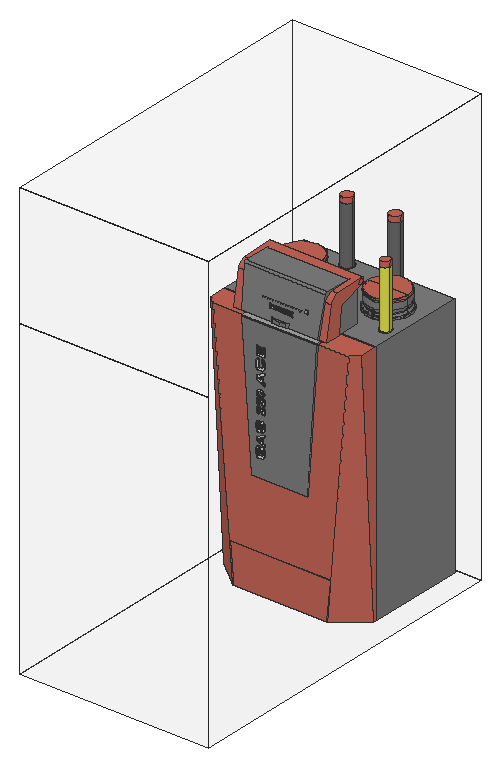
Revit family "Gas Ace 220_250_LOD-5", category Mechanical Equipment, Revit 2015 (continued)
Automatic sketch dimensions
  Extrusion 6 sketch curve to Extrusion 6 sketch curve = 35.239 mm
  Extrusion 6 sketch curve to Extrusion 6 sketch curve = 1.18 mm
  Extrusion 6 sketch curve to Extrusion 6 sketch curve = 2.676 mm
  Extrusion 6 sketch curve to Extrusion 6 sketch curve = 8.075 mm
  Extrusion 6 sketch curve to Extrusion 6 sketch curve = 4.752 mm
  Extrusion 6 sketch curve to Extrusion 6 sketch curve = 2.136 mm
  Extrusion 6 sketch curve to Extrusion 6 sketch curve = 2.427 mm
  Extrusion 6 sketch curve to Extrusion 6 sketch curve = 5.606 mm
  Extrusion 6 sketch curve to Extrusion 6 sketch curve = 7.408 mm
  Extrusion 6 sketch curve to Extrusion 6 sketch curve = 8.771 mm
  Extrusion 6 sketch curve to Extrusion 6 sketch curve = 5.297 mm
  Extrusion 6 sketch curve to Extrusion 6 sketch curve = 6.258 mm
  Extrusion 6 sketch curve to Extrusion 6 sketch curve = 8.273 mm
  Extrusion 6 sketch curve to Extrusion 6 sketch curve = 6.915 mm
  Extrusion 6 sketch curve to Extrusion 6 sketch curve = 3.199 mm
  Extrusion 6 sketch curve to Extrusion 6 sketch curve = 4.418 mm
  Extrusion 6 sketch curve to Extrusion 6 sketch curve = 4.778 mm
  Extrusion 6 sketch curve to Extrusion 6 sketch curve = 2.034 mm
  Extrusion 6 sketch curve to Extrusion 6 sketch curve = 4.697 mm
  Extrusion 6 sketch curve to Extrusion 6 sketch curve = 6.224 mm
  Extrusion 6 sketch curve to Extrusion 6 sketch curve = 8.018 mm
  Extrusion 6 sketch curve to Extrusion 6 sketch curve = 5.046 mm
  Extrusion 6 sketch curve to Extrusion 6 sketch curve = 4.645 mm
  Extrusion 6 sketch curve to Extrusion 6 sketch curve = 3.179 mm
  Extrusion 6 sketch curve to Extrusion 6 sketch curve = 1.825 mm
  Extrusion 6 sketch curve to Extrusion 6 sketch curve = 6.221 mm
  Extrusion 6 sketch curve to Extrusion 6 sketch curve = 4.769 mm
  Extrusion 6 sketch curve to Extrusion 6 sketch curve = 3.637 mm
  Extrusion 6 sketch curve to Extrusion 6 sketch curve = 0.234 mm
  Extrusion 6 sketch curve to Extrusion 6 sketch curve = 2.222 mm
  Extrusion 6 sketch curve to Extrusion 6 sketch curve = 2.995 mm
  Extrusion 6 sketch curve to Extrusion 6 sketch curve = 10.786 mm
  Extrusion 6 sketch curve to Extrusion 6 sketch curve = 6.619 mm  (x2)
  Extrusion 6 sketch curve to Extrusion 6 sketch curve = 0.33 mm
  Extrusion 6 sketch curve to Extrusion 6 sketch curve = 0.623 mm
  Extrusion 6 sketch curve to Extrusion 6 sketch curve = 4.10 mm
  Extrusion 6 sketch curve to Extrusion 6 sketch curve = 0.236 mm
  Extrusion 6 sketch curve to Extrusion 6 sketch curve = 0.229 mm
  Extrusion 6 sketch curve to Extrusion 6 sketch curve = 5.84 mm
  Extrusion 6 sketch curve to Extrusion 6 sketch curve = 3.608 mm
  Extrusion 6 sketch curve to Extrusion 6 sketch curve = 104.478 mm
  plane 20 to Extrusion 6 sketch curve = 4.794 mm
  Extrusion 6 sketch curve to Extrusion 6 sketch curve = 7.974 mm
  Extrusion 6 sketch curve to Extrusion 6 sketch curve = 13.63 mm
  Extrusion 6 sketch curve to Extrusion 6 sketch curve = 24.845 mm
  Extrusion 6 sketch curve to Extrusion 6 sketch curve = 0.046 mm
  plane 21 to Extrusion 7 sketch curve = 2.767 mm
  Extrusion 7 sketch curve to plane 18 = 2.767 mm
  Extrusion 8 sketch curve to plane 35 = 0.00 mm  (x2)
  plane 21 to Extrusion 8 sketch curve = 2.767 mm
  Extrusion 8 sketch curve to plane 18 = 2.767 mm
  Extrusion 9 sketch curve to plane 13 = 0.00 mm
  plane 24 to Extrusion 9 sketch curve = 23.522 mm
  Extrusion 11 sketch curve to Extrusion 11 sketch curve = 0.00 mm  (x2)
  Extrusion 11 sketch curve to plane 13 = 0.00 mm
  plane 24 to Extrusion 11 sketch curve = 23.522 mm
  Extrusion 13 sketch curve to plane 12 = 0.00 mm
  plane 24 to Extrusion 13 sketch curve = 23.522 mm
  Extrusion 14 sketch curve to Extrusion 14 sketch curve = 0.00 mm  (x2)
  Extrusion 14 sketch curve to plane 12 = 0.00 mm
  plane 24 to Extrusion 14 sketch curve = 23.522 mm
  Extrusion 20 sketch curve to plane 7 = 0.00 mm
  plane 4 to Extrusion 20 sketch curve = 107.668 mm
  Extrusion 20 sketch curve to Extrusion 20 sketch curve = 5.376 mm
  Extrusion 20 sketch curve to Extrusion 20 sketch curve = 14.918 mm
  plane 4 to Extrusion 20 sketch curve = 76.94 mm
  Extrusion 20 sketch curve to plane 25 = 104.717 mm
  Extrusion 20 sketch curve to Extrusion 20 sketch curve = 1.568 mm
  Extrusion 20 sketch curve to plane 25 = 46.717 mm
  Extrusion 21 sketch curve to plane 26 = 0.00 mm
  plane 4 to Extrusion 21 sketch curve = 107.668 mm
  Extrusion 21 sketch curve to Extrusion 21 sketch curve = 5.376 mm
  Extrusion 21 sketch curve to Extrusion 21 sketch curve = 14.918 mm
  plane 24 to Extrusion 21 sketch curve = 22.534 mm
  plane 4 to Extrusion 21 sketch curve = 79.413 mm
  Extrusion 21 sketch curve to Extrusion 21 sketch curve = 26.484 mm
  Extrusion 21 sketch curve to plane 25 = 24.282 mm
  Extrusion 21 sketch curve to Extrusion 21 sketch curve = 1.57 mm
  plane 4 to Extrusion 21 sketch curve = 31.492 mm
  plane 4 to Extrusion 21 sketch curve = 1.763 mm
  Extrusion 21 sketch curve to Extrusion 21 sketch curve = 80.434 mm
  Extrusion 21 sketch curve to Extrusion 21 sketch curve = 1.568 mm
  Extrusion 21 sketch curve to Extrusion 21 sketch curve = 21.458 mm
  Extrusion 21 sketch curve to plane 25 = 46.717 mm
  Extrusion 21 sketch curve to plane 25 = 18.574 mm
  Extrusion 23 sketch curve to plane 7 = 0.00 mm  (x2)
  Extrusion 23 sketch curve to plane 34 = 26.458 mm
  plane 29 to Extrusion 23 sketch curve = 0.713 mm
  plane 29 to Extrusion 23 sketch curve = 17.579 mm
  Extrusion 23 sketch curve to plane 30 = 17.579 mm
  Extrusion 23 sketch curve to plane 30 = 0.713 mm
  plane 28 to Extrusion 23 sketch curve = 27.458 mm
  Extrusion 23 sketch curve to plane 25 = 12.381 mm  (x2)
  plane 20 to Extrusion 24 sketch curve = 25.855 mm
  plane 24 to Extrusion 24 sketch curve = 115.281 mm
  Extrusion 24 sketch curve to Extrusion 24 sketch curve = 5.00 mm
  Extrusion 25 sketch curve to plane 4 = 0.00 mm
  Extrusion 25 sketch curve to plane 3 "Center (Left/Right)" = 0.00 mm  (x2)
  Extrusion 25 sketch curve to plane 4 = 7.93 mm  (x2)
  Extrusion 25 sketch curve to plane 3 "Center (Left/Right)" = 34.601 mm
  Extrusion 25 sketch curve to plane 4 = 9.344 mm  (x2)
  Extrusion 25 sketch curve to Extrusion 25 sketch curve = 1.414 mm
  Extrusion 25 sketch curve to Extrusion 25 sketch curve = 9.344 mm  (x2)
  plane 3 "Center (Left/Right)" to Extrusion 25 sketch curve = 34.601 mm
  Extrusion 26 sketch curve to plane 3 "Center (Left/Right)" = 60.00 mm
  Extrusion 26 sketch curve to Extrusion 26 sketch curve = 0.00 mm  (x11)
  Extrusion 26 sketch curve to Extrusion 26 sketch curve = 5.282 mm
  Extrusion 26 sketch curve to Extrusion 26 sketch curve = 3.083 mm  (x2)
  Extrusion 26 sketch curve to Extrusion 26 sketch curve = 8.006 mm
  Extrusion 26 sketch curve to Extrusion 26 sketch curve = 0.536 mm
  Extrusion 26 sketch curve to Extrusion 26 sketch curve = 2.531 mm
  Extrusion 26 sketch curve to Extrusion 26 sketch curve = 5.448 mm
  Extrusion 26 sketch curve to Extrusion 26 sketch curve = 2.49 mm
  Extrusion 26 sketch curve to Extrusion 26 sketch curve = 0.713 mm
  Extrusion 26 sketch curve to Extrusion 26 sketch curve = 1.477 mm
  Extrusion 26 sketch curve to Extrusion 26 sketch curve = 2.918 mm
  Extrusion 26 sketch curve to Extrusion 26 sketch curve = 3.653 mm
  Extrusion 26 sketch curve to Extrusion 26 sketch curve = 12.345 mm
  Extrusion 26 sketch curve to Extrusion 26 sketch curve = 2.924 mm
  Extrusion 26 sketch curve to Extrusion 26 sketch curve = 3.054 mm  (x2)
  Extrusion 26 sketch curve to Extrusion 26 sketch curve = 2.856 mm
  Extrusion 26 sketch curve to Extrusion 26 sketch curve = 0.085 mm
  Extrusion 26 sketch curve to Extrusion 26 sketch curve = 3.429 mm
  Extrusion 26 sketch curve to Extrusion 26 sketch curve = 4.286 mm
  Extrusion 26 sketch curve to Extrusion 26 sketch curve = 0.113 mm  (x2)
  Extrusion 26 sketch curve to Extrusion 26 sketch curve = 2.402 mm  (x2)
  Extrusion 26 sketch curve to Extrusion 26 sketch curve = 0.076 mm  (x2)
  Extrusion 26 sketch curve to Extrusion 26 sketch curve = 0.092 mm  (x2)
  Extrusion 26 sketch curve to Extrusion 26 sketch curve = 0.134 mm  (x2)
  Extrusion 26 sketch curve to Extrusion 26 sketch curve = 2.245 mm  (x2)
  Extrusion 26 sketch curve to plane 3 "Center (Left/Right)" = 1.402 mm
  plane 3 "Center (Left/Right)" to Extrusion 26 sketch curve = 0.218 mm
  Extrusion 26 sketch curve to Extrusion 26 sketch curve = 2.873 mm
  plane 3 "Center (Left/Right)" to Extrusion 26 sketch curve = 3.222 mm
  Extrusion 26 sketch curve to Extrusion 26 sketch curve = 1.738 mm
  Extrusion 26 sketch curve to Extrusion 26 sketch curve = 0.65 mm
  Extrusion 26 sketch curve to Extrusion 26 sketch curve = 3.04 mm  (x5)
  Extrusion 26 sketch curve to Extrusion 26 sketch curve = 1.782 mm
  Extrusion 26 sketch curve to Extrusion 26 sketch curve = 0.701 mm
  Extrusion 26 sketch curve to Extrusion 26 sketch curve = 4.337 mm
  Extrusion 26 sketch curve to Extrusion 26 sketch curve = 3.208 mm
  Extrusion 26 sketch curve to Extrusion 26 sketch curve = 4.739 mm
  Extrusion 26 sketch curve to Extrusion 26 sketch curve = 1.93 mm
  Extrusion 26 sketch curve to Extrusion 26 sketch curve = 0.994 mm
  Extrusion 26 sketch curve to Extrusion 26 sketch curve = 0.901 mm
  Extrusion 26 sketch curve to Extrusion 26 sketch curve = 1.684 mm
  Extrusion 26 sketch curve to Extrusion 26 sketch curve = 2.199 mm
  Extrusion 26 sketch curve to Extrusion 26 sketch curve = 4.069 mm
  Extrusion 26 sketch curve to Extrusion 26 sketch curve = 2.964 mm
  Extrusion 26 sketch curve to Extrusion 26 sketch curve = 0.033 mm  (x2)
  Extrusion 26 sketch curve to Extrusion 26 sketch curve = 0.918 mm
  Extrusion 26 sketch curve to Extrusion 26 sketch curve = 1.137 mm
  Extrusion 26 sketch curve to Extrusion 26 sketch curve = 0.284 mm
  Extrusion 26 sketch curve to Extrusion 26 sketch curve = 0.51 mm
  Extrusion 26 sketch curve to Extrusion 26 sketch curve = 1.179 mm
  Extrusion 26 sketch curve to Extrusion 26 sketch curve = 0.049 mm
  Extrusion 26 sketch curve to Extrusion 26 sketch curve = 0.212 mm  (x2)
  Extrusion 26 sketch curve to Extrusion 26 sketch curve = 0.379 mm
  Extrusion 26 sketch curve to Extrusion 26 sketch curve = 0.436 mm
  Extrusion 26 sketch curve to Extrusion 26 sketch curve = 0.226 mm
  Extrusion 26 sketch curve to Extrusion 26 sketch curve = 0.749 mm
  Extrusion 26 sketch curve to Extrusion 26 sketch curve = 0.157 mm
  Extrusion 26 sketch curve to Extrusion 26 sketch curve = 1.236 mm
  Extrusion 26 sketch curve to Extrusion 26 sketch curve = 0.137 mm
  Extrusion 26 sketch curve to Extrusion 26 sketch curve = 0.668 mm
  Extrusion 26 sketch curve to Extrusion 26 sketch curve = 0.909 mm
  Extrusion 26 sketch curve to Extrusion 26 sketch curve = 1.762 mm
  Extrusion 26 sketch curve to Extrusion 26 sketch curve = 0.271 mm
  Extrusion 26 sketch curve to Extrusion 26 sketch curve = 1.996 mm
  Extrusion 26 sketch curve to Extrusion 26 sketch curve = 0.264 mm
  Extrusion 26 sketch curve to Extrusion 26 sketch curve = 3.106 mm
  Extrusion 26 sketch curve to Extrusion 26 sketch curve = 0.412 mm
  Extrusion 26 sketch curve to Extrusion 26 sketch curve = 4.239 mm
  Extrusion 26 sketch curve to Extrusion 26 sketch curve = 3.826 mm
  Extrusion 26 sketch curve to Extrusion 26 sketch curve = 2.368 mm
  Extrusion 26 sketch curve to Extrusion 26 sketch curve = 1.956 mm
  Extrusion 26 sketch curve to Extrusion 26 sketch curve = 1.963 mm
  Extrusion 26 sketch curve to Extrusion 26 sketch curve = 0.004 mm
  Extrusion 26 sketch curve to Extrusion 26 sketch curve = 1.968 mm
  Extrusion 26 sketch curve to Extrusion 26 sketch curve = 0.013 mm
  Extrusion 26 sketch curve to Extrusion 26 sketch curve = 1.972 mm  (x2)
  Extrusion 26 sketch curve to Extrusion 26 sketch curve = 0.009 mm
  Extrusion 26 sketch curve to Extrusion 26 sketch curve = 1.977 mm
  Extrusion 26 sketch curve to Extrusion 26 sketch curve = 0.914 mm
  Extrusion 26 sketch curve to Extrusion 26 sketch curve = 2.002 mm
  Extrusion 26 sketch curve to Extrusion 26 sketch curve = 1.103 mm
  Extrusion 26 sketch curve to Extrusion 26 sketch curve = 2.125 mm
  Extrusion 26 sketch curve to Extrusion 26 sketch curve = 0.452 mm
  Extrusion 26 sketch curve to Extrusion 26 sketch curve = 0.179 mm
  Extrusion 26 sketch curve to Extrusion 26 sketch curve = 0.001 mm
  Extrusion 26 sketch curve to Extrusion 26 sketch curve = 1.043 mm
  Extrusion 26 sketch curve to Extrusion 26 sketch curve = 0.429 mm
  Extrusion 26 sketch curve to Extrusion 26 sketch curve = 1.471 mm
  Extrusion 26 sketch curve to Extrusion 26 sketch curve = 3.486 mm  (x2)
  Extrusion 26 sketch curve to Extrusion 26 sketch curve = 1.341 mm
  Extrusion 26 sketch curve to Extrusion 26 sketch curve = 0.793 mm
  Extrusion 26 sketch curve to Extrusion 26 sketch curve = 1.186 mm
  Extrusion 26 sketch curve to Extrusion 26 sketch curve = 0.851 mm
  Extrusion 26 sketch curve to Extrusion 26 sketch curve = 1.181 mm  (x2)
  Extrusion 26 sketch curve to Extrusion 26 sketch curve = 1.473 mm
  Extrusion 26 sketch curve to Extrusion 26 sketch curve = 0.982 mm
  Extrusion 26 sketch curve to Extrusion 26 sketch curve = 0.53 mm  (x2)
  Extrusion 26 sketch curve to Extrusion 26 sketch curve = 1.417 mm
  Extrusion 26 sketch curve to Extrusion 26 sketch curve = 1.08 mm
  Extrusion 26 sketch curve to Extrusion 26 sketch curve = 0.219 mm  (x2)
  Extrusion 26 sketch curve to Extrusion 26 sketch curve = 0.991 mm
  Extrusion 26 sketch curve to Extrusion 26 sketch curve = 0.687 mm
  Extrusion 26 sketch curve to Extrusion 26 sketch curve = 0.578 mm  (x2)
  Extrusion 26 sketch curve to Extrusion 26 sketch curve = 6.128 mm
  Extrusion 26 sketch curve to Extrusion 26 sketch curve = 1.01 mm
  Extrusion 26 sketch curve to Extrusion 26 sketch curve = 0.082 mm
  Extrusion 26 sketch curve to Extrusion 26 sketch curve = 1.846 mm
  Extrusion 26 sketch curve to Extrusion 26 sketch curve = 0.115 mm
  Extrusion 26 sketch curve to Extrusion 26 sketch curve = 2.061 mm
  Extrusion 26 sketch curve to Extrusion 26 sketch curve = 0.617 mm
  Extrusion 26 sketch curve to Extrusion 26 sketch curve = 0.794 mm
  Extrusion 26 sketch curve to Extrusion 26 sketch curve = 0.657 mm
  Extrusion 26 sketch curve to Extrusion 26 sketch curve = 0.058 mm
  Extrusion 26 sketch curve to Extrusion 26 sketch curve = 1.267 mm
  Extrusion 26 sketch curve to Extrusion 26 sketch curve = 0.821 mm
  Extrusion 26 sketch curve to Extrusion 26 sketch curve = 0.038 mm
  Extrusion 26 sketch curve to Extrusion 26 sketch curve = 1.001 mm  (x2)
  Extrusion 26 sketch curve to Extrusion 26 sketch curve = 0.90 mm
  Extrusion 26 sketch curve to Extrusion 26 sketch curve = 0.066 mm
  Extrusion 26 sketch curve to Extrusion 26 sketch curve = 0.344 mm
  Extrusion 26 sketch curve to Extrusion 26 sketch curve = 3.045 mm
  Extrusion 26 sketch curve to Extrusion 26 sketch curve = 1.163 mm
  Extrusion 26 sketch curve to Extrusion 26 sketch curve = 3.264 mm
  Extrusion 26 sketch curve to Extrusion 26 sketch curve = 1.529 mm
  Extrusion 26 sketch curve to Extrusion 26 sketch curve = 1.136 mm
  Extrusion 26 sketch curve to Extrusion 26 sketch curve = 0.985 mm
  Extrusion 26 sketch curve to Extrusion 26 sketch curve = 2.604 mm
  Extrusion 26 sketch curve to Extrusion 26 sketch curve = 0.547 mm
  Extrusion 26 sketch curve to Extrusion 26 sketch curve = 5.087 mm
  Extrusion 26 sketch curve to Extrusion 26 sketch curve = 2.359 mm
  Extrusion 26 sketch curve to Extrusion 26 sketch curve = 0.652 mm  (x2)
  Extrusion 26 sketch curve to Extrusion 26 sketch curve = 0.847 mm
  Extrusion 26 sketch curve to Extrusion 26 sketch curve = 2.106 mm
  Extrusion 27 sketch curve to plane 32 = 0.00 mm  (x2)
  plane 33 to Extrusion 27 sketch curve = 0.00 mm  (x2)
  Extrusion 27 sketch curve to plane 32 = 21.995 mm
  plane 33 to Extrusion 27 sketch curve = 1.225 mm  (x2)
  Extrusion 27 sketch curve to Extrusion 27 sketch curve = 2.851 mm
  Extrusion 27 sketch curve to Extrusion 27 sketch curve = 7.34 mm  (x2)
  Extrusion 27 sketch curve to plane 33 = 5.73 mm  (x2)
  Extrusion 27 sketch curve to Extrusion 27 sketch curve = 7.459 mm  (x2)
  plane 33 to Extrusion 27 sketch curve = 4.516 mm  (x2)
  Extrusion 27 sketch curve to Extrusion 27 sketch curve = 2.533 mm  (x2)
  Extrusion 27 sketch curve to Extrusion 27 sketch curve = 3.777 mm  (x2)
  Extrusion 27 sketch curve to Extrusion 27 sketch curve = 3.376 mm  (x2)
  Extrusion 27 sketch curve to Extrusion 27 sketch curve = 3.35 mm  (x2)
  Extrusion 27 sketch curve to Extrusion 27 sketch curve = 5.045 mm  (x2)
  Extrusion 27 sketch curve to Extrusion 27 sketch curve = 5.527 mm  (x2)
  Extrusion 27 sketch curve to plane 33 = 11.501 mm  (x2)
  Extrusion 27 sketch curve to Extrusion 27 sketch curve = 13.077 mm  (x2)
  plane 20 to Extrusion 27 sketch curve = 11.826 mm  (x2)
  Extrusion 27 sketch curve to Extrusion 27 sketch curve = 4.266 mm  (x2)
  Extrusion 27 sketch curve to Extrusion 27 sketch curve = 2.432 mm  (x2)
  Extrusion 27 sketch curve to Extrusion 27 sketch curve = 3.70 mm  (x2)
  Extrusion 27 sketch curve to Extrusion 27 sketch curve = 10.686 mm  (x2)
  Extrusion 27 sketch curve to Extrusion 27 sketch curve = 10.68 mm
  plane 20 to Extrusion 27 sketch curve = 13.06 mm
  Extrusion 27 sketch curve to Extrusion 27 sketch curve = 35.239 mm
  Extrusion 27 sketch curve to Extrusion 27 sketch curve = 0.00 mm  (x27)
  plane 20 to Extrusion 27 sketch curve = 9.597 mm
  Extrusion 27 sketch curve to Extrusion 27 sketch curve = 1.18 mm
  plane 20 to Extrusion 27 sketch curve = 6.96 mm
  Extrusion 27 sketch curve to Extrusion 27 sketch curve = 2.676 mm
  Extrusion 27 sketch curve to Extrusion 27 sketch curve = 8.075 mm
  plane 20 to Extrusion 27 sketch curve = 5.282 mm
  Extrusion 27 sketch curve to Extrusion 27 sketch curve = 4.752 mm
  plane 33 to Extrusion 27 sketch curve = 4.957 mm
  Extrusion 27 sketch curve to Extrusion 27 sketch curve = 2.136 mm
  Extrusion 27 sketch curve to plane 33 = 21.317 mm
  Extrusion 27 sketch curve to Extrusion 27 sketch curve = 2.427 mm
  Extrusion 27 sketch curve to plane 33 = 4.95 mm
  Extrusion 27 sketch curve to Extrusion 27 sketch curve = 5.606 mm
  plane 20 to Extrusion 27 sketch curve = 4.693 mm
  Extrusion 27 sketch curve to Extrusion 27 sketch curve = 7.408 mm
  Extrusion 27 sketch curve to Extrusion 27 sketch curve = 3.81 mm
  Extrusion 27 sketch curve to Extrusion 27 sketch curve = 8.771 mm
  Extrusion 27 sketch curve to plane 33 = 4.686 mm
  Extrusion 27 sketch curve to Extrusion 27 sketch curve = 5.297 mm
  plane 33 to Extrusion 27 sketch curve = 5.198 mm
  Extrusion 27 sketch curve to Extrusion 27 sketch curve = 6.258 mm
  Extrusion 27 sketch curve to plane 33 = 4.632 mm
  Extrusion 27 sketch curve to Extrusion 27 sketch curve = 8.273 mm
  plane 33 to Extrusion 27 sketch curve = 5.211 mm
  Extrusion 27 sketch curve to Extrusion 27 sketch curve = 6.915 mm
  Extrusion 27 sketch curve to Extrusion 27 sketch curve = 3.199 mm
  Extrusion 27 sketch curve to Extrusion 27 sketch curve = 4.418 mm
  plane 33 to Extrusion 27 sketch curve = 5.444 mm
  Extrusion 27 sketch curve to Extrusion 27 sketch curve = 4.778 mm
  Extrusion 27 sketch curve to Extrusion 27 sketch curve = 0.221 mm
  Extrusion 27 sketch curve to plane 33 = 21.603 mm
  Extrusion 27 sketch curve to Extrusion 27 sketch curve = 2.034 mm
  Extrusion 27 sketch curve to Extrusion 27 sketch curve = 5.583 mm
  Extrusion 27 sketch curve to Extrusion 27 sketch curve = 4.697 mm
  Extrusion 27 sketch curve to plane 33 = 21.298 mm
  Extrusion 27 sketch curve to Extrusion 27 sketch curve = 6.224 mm
  plane 20 to Extrusion 27 sketch curve = 5.368 mm
  Extrusion 27 sketch curve to Extrusion 27 sketch curve = 8.018 mm
  Extrusion 27 sketch curve to plane 33 = 3.946 mm
  Extrusion 27 sketch curve to Extrusion 27 sketch curve = 3.888 mm
  Extrusion 27 sketch curve to Extrusion 27 sketch curve = 5.046 mm
  Extrusion 27 sketch curve to plane 33 = 20.233 mm
  Extrusion 27 sketch curve to Extrusion 27 sketch curve = 4.645 mm
  Extrusion 27 sketch curve to plane 33 = 18.179 mm
  Extrusion 27 sketch curve to Extrusion 27 sketch curve = 3.179 mm
  Extrusion 27 sketch curve to plane 33 = 14.908 mm
  Extrusion 27 sketch curve to Extrusion 27 sketch curve = 1.825 mm
  Extrusion 27 sketch curve to Extrusion 27 sketch curve = 0.249 mm
  Extrusion 27 sketch curve to Extrusion 27 sketch curve = 6.221 mm
  Extrusion 27 sketch curve to plane 33 = 21.135 mm  (x4)
  Extrusion 27 sketch curve to Extrusion 27 sketch curve = 14.365 mm  (x2)
  Extrusion 27 sketch curve to Extrusion 27 sketch curve = 4.013 mm  (x2)
  plane 20 to Extrusion 27 sketch curve = 5.16 mm  (x2)
  Extrusion 27 sketch curve to Extrusion 27 sketch curve = 4.769 mm
  Extrusion 27 sketch curve to plane 33 = 4.515 mm  (x2)
  Extrusion 27 sketch curve to Extrusion 27 sketch curve = 4.827 mm  (x2)
  plane 33 to Extrusion 27 sketch curve = 11.404 mm  (x2)
  Extrusion 27 sketch curve to Extrusion 27 sketch curve = 8.431 mm  (x2)
  Extrusion 27 sketch curve to Extrusion 27 sketch curve = 16.511 mm  (x2)
  Extrusion 27 sketch curve to Extrusion 27 sketch curve = 8.377 mm  (x2)
  Extrusion 27 sketch curve to plane 33 = 13.643 mm  (x2)
  Extrusion 27 sketch curve to Extrusion 27 sketch curve = 4.823 mm  (x2)
  Extrusion 27 sketch curve to Extrusion 27 sketch curve = 3.783 mm  (x2)
  Extrusion 27 sketch curve to Extrusion 27 sketch curve = 14.423 mm  (x2)
  plane 33 to Extrusion 27 sketch curve = 3.211 mm
  Extrusion 27 sketch curve to Extrusion 27 sketch curve = 3.637 mm
  Extrusion 27 sketch curve to plane 33 = 7.591 mm
  Extrusion 27 sketch curve to plane 33 = 10.916 mm
  plane 33 to Extrusion 27 sketch curve = 11.042 mm
  Extrusion 27 sketch curve to Extrusion 27 sketch curve = 0.234 mm  (x2)
  plane 20 to Extrusion 27 sketch curve = 4.692 mm  (x2)
  Extrusion 27 sketch curve to Extrusion 27 sketch curve = 10.664 mm
  Extrusion 27 sketch curve to Extrusion 27 sketch curve = 2.222 mm
  Extrusion 27 sketch curve to Extrusion 27 sketch curve = 2.995 mm
  Extrusion 27 sketch curve to Extrusion 27 sketch curve = 4.641 mm
  Extrusion 27 sketch curve to Extrusion 27 sketch curve = 7.483 mm
  Extrusion 27 sketch curve to Extrusion 27 sketch curve = 10.786 mm
  Extrusion 27 sketch curve to Extrusion 27 sketch curve = 6.619 mm  (x2)
  Extrusion 27 sketch curve to plane 33 = 21.602 mm
  Extrusion 27 sketch curve to Extrusion 27 sketch curve = 0.33 mm
  Extrusion 27 sketch curve to Extrusion 27 sketch curve = 0.623 mm
  Extrusion 27 sketch curve to plane 33 = 21.487 mm
  Extrusion 27 sketch curve to Extrusion 27 sketch curve = 4.10 mm
  Extrusion 27 sketch curve to Extrusion 27 sketch curve = 5.824 mm
  Extrusion 27 sketch curve to Extrusion 27 sketch curve = 5.83 mm
  plane 33 to Extrusion 27 sketch curve = 5.462 mm  (x2)
  Extrusion 27 sketch curve to Extrusion 27 sketch curve = 0.229 mm
  Extrusion 27 sketch curve to plane 33 = 5.362 mm
  Extrusion 27 sketch curve to Extrusion 27 sketch curve = 0.236 mm
  plane 20 to Extrusion 27 sketch curve = 4.966 mm
  Extrusion 27 sketch curve to Extrusion 27 sketch curve = 5.84 mm
  Extrusion 27 sketch curve to plane 33 = 20.885 mm
  Extrusion 27 sketch curve to Extrusion 27 sketch curve = 3.608 mm
  plane 33 to Extrusion 27 sketch curve = 7.959 mm
  Extrusion 27 sketch curve to Extrusion 27 sketch curve = 13.487 mm
  plane 32 to Extrusion 27 sketch curve = 42.444 mm
  Extrusion 27 sketch curve to Extrusion 27 sketch curve = 4.585 mm
  Extrusion 27 sketch curve to plane 33 = 9.486 mm  (x2)
  Extrusion 27 sketch curve to Extrusion 27 sketch curve = 4.987 mm
  plane 33 to Extrusion 27 sketch curve = 9.585 mm  (x2)
  Extrusion 27 sketch curve to Extrusion 27 sketch curve = 12.118 mm  (x4)
  plane 20 to Extrusion 27 sketch curve = 4.694 mm  (x2)
  Extrusion 27 sketch curve to plane 33 = 4.663 mm
  Extrusion 27 sketch curve to Extrusion 27 sketch curve = 1.136 mm  (x2)
  plane 33 to Extrusion 27 sketch curve = 4.758 mm  (x2)
  Extrusion 27 sketch curve to Extrusion 27 sketch curve = 6.059 mm  (x3)
  plane 33 to Extrusion 27 sketch curve = 5.785 mm  (x2)
  Extrusion 27 sketch curve to Extrusion 27 sketch curve = 17.113 mm
  Extrusion 27 sketch curve to plane 33 = 5.353 mm
  Extrusion 27 sketch curve to Extrusion 27 sketch curve = 0.341 mm
  Extrusion 27 sketch curve to Extrusion 27 sketch curve = 5.032 mm
  Extrusion 27 sketch curve to Extrusion 27 sketch curve = 5.347 mm
  Extrusion 27 sketch curve to Extrusion 27 sketch curve = 0.656 mm
  Extrusion 27 sketch curve to Extrusion 27 sketch curve = 6.006 mm
  Extrusion 27 sketch curve to plane 33 = 4.867 mm
  Extrusion 27 sketch curve to Extrusion 27 sketch curve = 11.678 mm
  plane 20 to Extrusion 27 sketch curve = 5.162 mm
  Extrusion 27 sketch curve to Extrusion 27 sketch curve = 12.337 mm
  Extrusion 27 sketch curve to Extrusion 27 sketch curve = 12.908 mm
  Extrusion 27 sketch curve to plane 33 = 4.289 mm
  Extrusion 27 sketch curve to Extrusion 27 sketch curve = 31.398 mm
  plane 33 to Extrusion 27 sketch curve = 11.402 mm
  Extrusion 27 sketch curve to Extrusion 27 sketch curve = 1.595 mm
  Extrusion 27 sketch curve to plane 33 = 21.136 mm
  Extrusion 27 sketch curve to Extrusion 27 sketch curve = 2.501 mm
  Extrusion 27 sketch curve to Extrusion 27 sketch curve = 10.882 mm
  Extrusion 27 sketch curve to Extrusion 27 sketch curve = 9.634 mm
  Extrusion 27 sketch curve to Extrusion 27 sketch curve = 9.77 mm  (x2)
  Extrusion 27 sketch curve to Extrusion 27 sketch curve = 3.944 mm
  Extrusion 27 sketch curve to Extrusion 27 sketch curve = 7.492 mm
  Extrusion 27 sketch curve to Extrusion 27 sketch curve = 3.998 mm  (x2)
  Extrusion 27 sketch curve to Extrusion 27 sketch curve = 0.505 mm
  Extrusion 27 sketch curve to Extrusion 27 sketch curve = 6.667 mm
  Extrusion 27 sketch curve to Extrusion 27 sketch curve = 6.90 mm
  Extrusion 27 sketch curve to Extrusion 27 sketch curve = 1.236 mm
  Extrusion 27 sketch curve to Extrusion 27 sketch curve = 2.258 mm
  Extrusion 27 sketch curve to Extrusion 27 sketch curve = 3.321 mm
  Extrusion 27 sketch curve to Extrusion 27 sketch curve = 5.292 mm
  plane 33 to Extrusion 27 sketch curve = 4.612 mm
  Extrusion 27 sketch curve to Extrusion 27 sketch curve = 3.571 mm
  Extrusion 27 sketch curve to Extrusion 27 sketch curve = 5.505 mm
  Extrusion 27 sketch curve to Extrusion 27 sketch curve = 6.332 mm
  plane 33 to Extrusion 27 sketch curve = 8.24 mm
  Extrusion 27 sketch curve to Extrusion 27 sketch curve = 0.541 mm
  Extrusion 27 sketch curve to Extrusion 27 sketch curve = 2.084 mm
  Extrusion 27 sketch curve to Extrusion 27 sketch curve = 4.58 mm  (x2)
  Extrusion 27 sketch curve to Extrusion 27 sketch curve = 1.638 mm  (x2)
  Extrusion 27 sketch curve to plane 33 = 7.62 mm
  Extrusion 27 sketch curve to Extrusion 27 sketch curve = 0.046 mm
  Extrusion 27 sketch curve to Extrusion 27 sketch curve = 13.63 mm
  plane 20 to Extrusion 27 sketch curve = 4.794 mm
  plane 4 to Extrusion 28 sketch curve = 3.836 mm
  plane 4 to Extrusion 28 sketch curve = 8.465 mm
  Extrusion 28 sketch curve to Extrusion 28 sketch curve = 5.00 mm
  Extrusion 28 sketch curve to Extrusion 28 sketch curve = 4.061 mm
  plane 24 to Extrusion 28 sketch curve = 76.064 mm
  Extrusion 28 sketch curve to Extrusion 28 sketch curve = 26.252 mm
  plane 26 to Extrusion 29 sketch curve = 15.488 mm
  Extrusion 29 sketch curve to plane 25 = 35.496 mm
  plane 26 to Extrusion 30 sketch curve = 15.488 mm
  Extrusion 30 sketch curve to plane 25 = 35.496 mm
  Extrusion 31 sketch curve to plane 5 = 0.00 mm
  Extrusion 31 sketch curve to plane 6 = 0.00 mm
  Extrusion 31 sketch curve to plane 34 = 15.642 mm
  plane 28 to Extrusion 31 sketch curve = 16.642 mm
  level to Extrusion 31 sketch curve = 29.00 mm  (x2)
  Extrusion 31 sketch curve to Extrusion 31 sketch curve = 171.499 mm  (x2)
  plane 5 to Extrusion 32 sketch curve = 5.43 mm  (x2)
  Extrusion 32 sketch curve to plane 34 = 29.235 mm  (x2)
  plane 28 to Extrusion 32 sketch curve = 30.235 mm  (x2)
  Extrusion 32 sketch curve to plane 6 = 5.43 mm  (x2)
  plane 26 to Extrusion 32 sketch curve = 98.19 mm  (x2)
  Extrusion 32 sketch curve to Extrusion 32 sketch curve = 25.00 mm  (x2)
  plane 22 to Extrusion 32 sketch curve = 15.435 mm  (x2)
  plane 1 "Center (Front/Back)" to Extrusion 32 sketch curve = 15.565 mm  (x2)
  Extrusion 33 sketch curve to plane 21 = 0.00 mm
  Extrusion 33 sketch curve to plane 18 = 0.00 mm
  level to Extrusion 33 sketch curve = 57.048 mm  (x2)
  Extrusion 34 sketch curve to plane 21 = 0.00 mm
  Extrusion 34 sketch curve to plane 18 = 0.00 mm
  level to Extrusion 34 sketch curve = 57.048 mm  (x2)
  plane 21 to Extrusion 37 sketch curve = 2.767 mm
  Extrusion 37 sketch curve to plane 18 = 2.767 mm
  level to Extrusion 37 sketch curve = 55.00 mm  (x2)
  plane 29 to Extrusion 38 sketch curve = 17.579 mm
  Extrusion 38 sketch curve to plane 4 = 5.984 mm
  Extrusion 38 sketch curve to plane 30 = 17.579 mm
  plane 4 to Extrusion 38 sketch curve = 102.292 mm
  Extrusion 40 sketch curve to plane 7 = 0.00 mm
  Extrusion 40 sketch curve to plane 26 = 0.00 mm
  plane 4 to Extrusion 40 sketch curve = 107.668 mm
  Extrusion 40 sketch curve to Extrusion 40 sketch curve = 5.376 mm
  Extrusion 40 sketch curve to Extrusion 40 sketch curve = 14.918 mm
  plane 4 to Extrusion 40 sketch curve = 76.94 mm
  Extrusion 40 sketch curve to plane 25 = 104.717 mm
  Extrusion 40 sketch curve to Extrusion 40 sketch curve = 1.568 mm
  Extrusion 40 sketch curve to plane 25 = 46.717 mm
  Extrusion 41 sketch curve to plane 26 = 0.00 mm
  plane 4 to Extrusion 41 sketch curve = 107.668 mm
  Extrusion 41 sketch curve to Extrusion 41 sketch curve = 5.376 mm
  Extrusion 41 sketch curve to Extrusion 41 sketch curve = 14.918 mm
  plane 24 to Extrusion 41 sketch curve = 22.534 mm
  plane 4 to Extrusion 41 sketch curve = 79.413 mm
  Extrusion 41 sketch curve to Extrusion 41 sketch curve = 26.484 mm
  Extrusion 41 sketch curve to plane 25 = 24.282 mm
  Extrusion 41 sketch curve to Extrusion 41 sketch curve = 1.57 mm
  plane 4 to Extrusion 41 sketch curve = 31.492 mm
  plane 4 to Extrusion 41 sketch curve = 1.763 mm
  Extrusion 41 sketch curve to Extrusion 41 sketch curve = 80.434 mm
  Extrusion 41 sketch curve to Extrusion 41 sketch curve = 1.568 mm
  Extrusion 41 sketch curve to Extrusion 41 sketch curve = 21.458 mm
  Extrusion 41 sketch curve to plane 25 = 46.717 mm
  Extrusion 41 sketch curve to plane 25 = 18.574 mm
  Extrusion 42 sketch curve to plane 4 = 5.984 mm
  plane 29 to Extrusion 42 sketch curve = 17.579 mm
  Extrusion 42 sketch curve to plane 30 = 17.579 mm
  plane 4 to Extrusion 42 sketch curve = 102.292 mm
  plane 21 to Extrusion 43 sketch curve = 2.767 mm
  Extrusion 43 sketch curve to plane 18 = 2.767 mm
  level to Extrusion 43 sketch curve = 55.00 mm  (x2)
  Extrusion 22 sketch curve to plane 31 = 0.00 mm
  Extrusion 22 sketch curve to plane 4 = 4.018 mm
  plane 4 to Extrusion 22 sketch curve = 1.763 mm
  plane 4 to Extrusion 22 sketch curve = 31.492 mm
  plane 4 to Extrusion 22 sketch curve = 32.165 mm
  Extrusion 22 sketch curve to Extrusion 22 sketch curve = 10.033 mm
  Extrusion 22 sketch curve to plane 25 = 24.282 mm
  Extrusion 22 sketch curve to Extrusion 22 sketch curve = 32.04 mm
  Extrusion 22 sketch curve to Extrusion 22 sketch curve = 1.57 mm
  Extrusion 22 sketch curve to plane 25 = 20.32 mm
  plane 26 to Extrusion 22 sketch curve = 49.996 mm
  Extrusion 22 sketch curve to Extrusion 22 sketch curve = 44.973 mm
  Extrusion 22 sketch curve to Extrusion 22 sketch curve = 1.769 mm
  Extrusion 22 sketch curve to Extrusion 22 sketch curve = 0.273 mm
  Extrusion 22 sketch curve to plane 25 = 16.424 mm
  plane 4 to Extrusion 44 sketch curve = 14.519 mm
  Extrusion 44 sketch curve to Extrusion 44 sketch curve = 5.781 mm  (x2)
  Extrusion 44 sketch curve to plane 25 = 124.914 mm
  plane 4 to Extrusion 44 sketch curve = 12.162 mm
  Extrusion 44 sketch curve to Extrusion 44 sketch curve = 13.368 mm
  Extrusion 45 sketch curve to plane 40 = 0.00 mm
  Extrusion 45 sketch curve to plane 41 "Drain" = 0.00 mm
  Extrusion 35 sketch curve to Extrusion 35 sketch curve = 0.00 mm  (x2)
  Extrusion 35 sketch curve to plane 11 = 0.00 mm
  Extrusion 35 sketch curve to plane 21 = 0.00 mm
  Revolve 10 sketch curve to plane 13 = 0.00 mm
  Revolve 10 sketch curve to plane 7 = 0.00 mm
  Revolve 10 sketch curve to Revolve 10 sketch curve = 0.50 mm
  Revolve 10 sketch curve to Revolve 10 sketch curve = 2.50 mm
  plane 24 to Revolve 10 sketch curve = 7.00 mm
  Revolve 10 sketch curve to Revolve 10 sketch curve = 12.147 mm
  Revolve 10 sketch curve to Revolve 10 sketch curve = 5.00 mm
  Revolve 10 sketch curve to Revolve 10 sketch curve = 16.52 mm
  Revolve 10 sketch curve to Revolve 10 sketch curve = 45.225 mm
  plane 24 to Revolve 10 sketch curve = 5.294 mm
  Revolve 10 sketch curve to plane 25 = 77.762 mm
  Revolve 12 sketch curve to plane 12 = 0.00 mm
  Revolve 12 sketch curve to plane 7 = 0.00 mm
  Revolve 12 sketch curve to Revolve 12 sketch curve = 0.50 mm
  Revolve 12 sketch curve to Revolve 12 sketch curve = 2.00 mm
  plane 24 to Revolve 12 sketch curve = 7.00 mm
  Revolve 12 sketch curve to Revolve 12 sketch curve = 12.147 mm
  Revolve 12 sketch curve to Revolve 12 sketch curve = 5.00 mm
  Revolve 12 sketch curve to Revolve 12 sketch curve = 16.52 mm
  Revolve 12 sketch curve to Revolve 12 sketch curve = 45.225 mm
  plane 24 to Revolve 12 sketch curve = 5.294 mm
  Revolve 12 sketch curve to plane 25 = 77.762 mm
  Extrusion 16 sketch curve to plane 20 = 0.00 mm
  Extrusion 16 sketch curve to plane 19 = 0.00 mm
  Extrusion 16 sketch curve to plane 22 = 0.00 mm  (x2)
  Revolve 19 sketch curve to plane 13 = 0.00 mm  (x2)
  plane 24 to Revolve 19 sketch curve = 80.921 mm
  Revolve 19 sketch curve to Revolve 19 sketch curve = 1.396 mm
  Revolve 19 sketch curve to Revolve 19 sketch curve = 10.494 mm
  Revolve 19 sketch curve to Revolve 19 sketch curve = 1.189 mm
  Revolve 19 sketch curve to level = 304.80 mm
  plane 8 to Revolve 19 sketch curve = 776.40 mm
  Revolve 36 sketch curve to plane 12 = 0.00 mm  (x2)
  plane 24 to Revolve 36 sketch curve = 94.00 mm
  Revolve 36 sketch curve to Revolve 36 sketch curve = 1.189 mm
  Revolve 36 sketch curve to Revolve 36 sketch curve = 10.494 mm
  Revolve 36 sketch curve to Revolve 36 sketch curve = 1.396 mm
  plane 8 to Revolve 36 sketch curve = 776.40 mm
  Revolve 36 sketch curve to level = 304.80 mm
  Extrusion 39 sketch curve to Extrusion 39 sketch curve = 0.00 mm  (x8)
  Extrusion 39 sketch curve to plane 11 = 0.00 mm  (x2)
  Extrusion 39 sketch curve to plane 21 = 0.00 mm
  Extrusion 39 sketch curve to plane 20 = 0.00 mm
  Extrusion 39 sketch curve to plane 19 = 0.00 mm
  Extrusion 39 sketch curve to plane 18 = 0.00 mm
  Extrusion 39 sketch curve to plane 22 = 0.00 mm  (x2)
  Extrusion 46 sketch curve to Extrusion 46 sketch curve = 0.00 mm  (x2)
  Extrusion 46 sketch curve to plane 20 = 0.00 mm
  Extrusion 46 sketch curve to plane 22 = 0.00 mm
  Extrusion 47 sketch curve to Extrusion 47 sketch curve = 0.00 mm  (x2)
  Extrusion 47 sketch curve to plane 11 = 0.00 mm
  Extrusion 47 sketch curve to plane 18 = 0.00 mm
  Extrusion 48 sketch curve to Extrusion 48 sketch curve = 0.00 mm  (x2)
  Extrusion 48 sketch curve to plane 19 = 0.00 mm
  Extrusion 48 sketch curve to plane 22 = 0.00 mm
  Extrusion 49 sketch curve to plane 8 = 0.00 mm
  Extrusion 49 sketch curve to level = 0.00 mm
  Extrusion 49 sketch curve to plane 42 = 0.00 mm
  Extrusion 49 sketch curve to plane 4 = 1100.00 mm
  plane 8 to Extrusion 49 sketch curve = 650.00 mm
  radius of Extrusion 7 sketch curve = 55.00 mm  (x2)
  radius of Extrusion 8 sketch curve = 55.00 mm  (x2)
  radius of Extrusion 9 sketch curve = 10.00 mm
  radius of Extrusion 11 sketch curve = 10.00 mm
  radius of Extrusion 11 sketch curve = 12.00 mm
  radius of Extrusion 13 sketch curve = 10.00 mm
  radius of Extrusion 14 sketch curve = 10.00 mm
  radius of Extrusion 14 sketch curve = 12.00 mm
  radius of Extrusion 29 sketch curve = 11.549 mm
  radius of Extrusion 30 sketch curve = 11.549 mm
  radius of Extrusion 33 sketch curve = 20.00 mm  (x2)
  radius of Extrusion 34 sketch curve = 20.00 mm  (x2)
  radius of Extrusion 37 sketch curve = 55.00 mm  (x2)
  radius of Extrusion 43 sketch curve = 55.00 mm  (x2)
  radius of Extrusion 35 sketch curve = 35.15 mm
  radius of Extrusion 35 sketch curve = 30.15 mm
Connectors
  piping at (338, -383, 1662), diameter 38.1
    settings: on Extrusion 18, index 1, connector inside diameter 609.6 mm, connector length 0.00 mm, flow factor 0, pipe flow 0.0 L/s, pressure drop 0.000 bar, fitting loss kfactor 0, connector angle 0.00°, fixture units 0, engagement length 0.00 mm, angle of deflection 0.00°, flow configuration 1, flow direction 1, fitting loss method 0, system type 22, joint type 0, gender type 0, connector reference index -1, connector utility 0, adjustable connector no, is connector primary yes, connector description "Gas"
  piping at (128, -56, 1662), diameter 50.75
    settings: on Extrusion 16, index 2, connector inside diameter 609.6 mm, connector length 0.00 mm, flow factor 0, pipe flow 0.0 L/s, pressure drop 0.000 bar, fitting loss kfactor 0, connector angle 0.00°, fixture units 0, engagement length 0.00 mm, angle of deflection 0.00°, flow configuration 1, flow direction 1, fitting loss method 0, system type 7, joint type 0, gender type 0, connector reference index -1, connector utility 0, adjustable connector no, is connector primary no, connector description "Hydronic Supply"
  piping at (-128, -56, 1662), diameter 50.75
    settings: on Extrusion 16, index 3, connector inside diameter 609.6 mm, connector length 0.00 mm, flow factor 0, pipe flow 0.0 L/s, pressure drop 0.000 bar, fitting loss kfactor 0, connector angle 0.00°, fixture units 0, engagement length 0.00 mm, angle of deflection 0.00°, flow configuration 0, flow direction 2, fitting loss method 0, system type 8, joint type 0, gender type 0, connector reference index -1, connector utility 0, adjustable connector no, is connector primary no, connector description "Hydronic Return1"
  piping at (-338, -383, 1330), diameter 50.75
    settings: on Extrusion 35, index 4, connector inside diameter 609.6 mm, connector length 0.00 mm, flow factor 0, pipe flow 0.0 L/s, pressure drop 0.000 bar, fitting loss kfactor 0, connector angle 0.00°, fixture units 0, engagement length 0.00 mm, angle of deflection 0.00°, flow configuration 1, flow direction 1, fitting loss method 0, system type 8, joint type 0, gender type 0, connector reference index -1, connector utility 0, adjustable connector no, is connector primary no, connector description "Hydronic Return2"
  electrical at (128.112, -643.66, 1450.976)
    settings: on Extrusion 44, index 7, voltage 230.002 V, apparent load 0 VA, apparent load phase1 0 VA, apparent load phase2 0 VA, apparent load phase3 0 VA, power factor 1, load classification "Other", number of poles 1, system type 30, power factor state 1, is connector primary yes, connector utility no, sub classification motor no, connector description "Power - Balanced"
  piping at (-280, 0, 84), diameter 40
    settings: on Extrusion 45, index 8, connector inside diameter 609.6 mm, connector length 0.00 mm, flow factor 0, pipe flow 0.0 L/s, pressure drop 0.000 bar, fitting loss kfactor 0, connector angle 0.00°, fixture units 0, engagement length 0.00 mm, angle of deflection 0.00°, flow configuration 3, flow direction 2, fitting loss method 0, system type 16, joint type 0, gender type 0, connector reference index -1, connector utility 0, adjustable connector no, is connector primary no, connector description "Drain"
  hvac at (229, -231, 1424)
    settings: on Revolve 36, index 9, duct flow 0.0 L/s, flow factor 0, pres drop 0.000 bar, loss coef 0, conn angle 0.00°, conn width 304.8 mm, conn height 304.8 mm, conn diameter 200 mm, duct sys type 4, conn prof type 0, flow config 0, flow direction 0, loss method 0, conn ref index -1, conn util no, is conn primary yes, conn desc ""
  hvac at (-229, -231, 1418.392)
    settings: on Revolve 10, index 10, duct flow 0.0 L/s, flow factor 0, pres drop 0.000 bar, loss coef 0, conn angle 0.00°, conn width 304.8 mm, conn height 304.8 mm, conn diameter 200 mm, duct sys type 1, conn prof type 0, flow config 0, flow direction 0, loss method 0, conn ref index -1, conn util no, is conn primary no, conn desc ""
